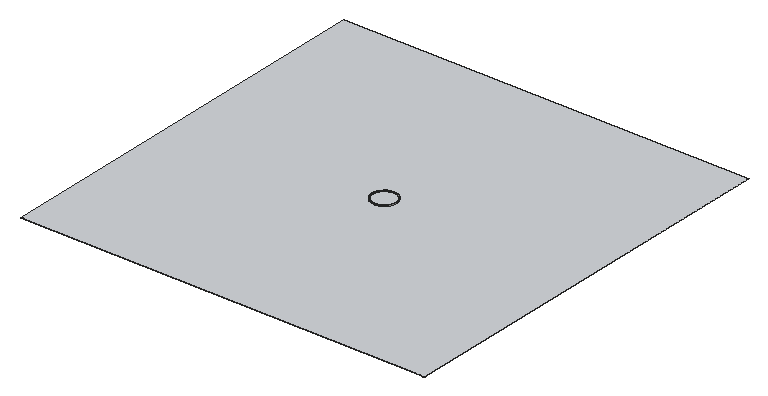
Revit family "LAMP_KOMBIC 150 ROUND IP40 TW OPAL", category Luminarias, Revit 2018
Family settings
  Anfitrión = Cara
  Cota de conector redondo = Diámetro de uso
  Tipo de pieza = Normal
  Corte con vacíos al cargar = No
  Origen de luz = Sí
  Compartido = No
  Punto de cálculo de habitación = No
Parameters (values of type "1653LM 2700-5000K DALI M/W")
  Ángulo de inclinación = -90.00°
  Weight = 0.80 kg
  Wattage = 23.9 W
  UGR = ""
  Type = "COB PHILIPS"
  built-in parameter 1150107 = 3000 (stored number, unit not read)
  Recessed diameter = 145 mm
  built-in parameter 1150110 = 1 (stored number, unit not read)
  built-in parameter 1150109 = 1 (stored number, unit not read)
  built-in parameter 1150112 = 1 (stored number, unit not read)
  built-in parameter 1150113 = 1 (stored number, unit not read)
  built-in parameter 1114218 = 1 (stored number, unit not read)
  Protection rating = "IP40"
  Product datasheet = "http://www.lamp.es/product-files/TECH/K21RD3040OP9TWDMW-EN.pdf"
  Product code = "K21RD3040OP9TWDMW"
  Product URL = "https://www.lamp.es/en/family/kombic-downlight_33313"
  Power Supply = "220-240V 50/60Hz"
  Power = 20 W
  Plum = 23.9 W
  built-in parameter 1150137 = (empty or 0)
  built-in parameter 1150132 = 2
  Modelo = Product code  # "K21RD3040OP9TWDMW"
  Material reflector = LAMP_PC Reflector Kombic Metalizado Mate
  Material disipador = LAMP_Aluminio Disipador Kombic
  Material difusor = LAMP_PMMA Difusor Kombic
  Material aro = LAMP_Plástico genérico BL
  Manufacturer name = "LAMP"
  Manufacturer country = "Spain"
  Manufacturer URL = "http://www.lamp.es/en"
  MacAdam = "3"
  Luminaire type = "Downlight"
  Last update = "26/08/2021"
  Lamp = "COB LED"
  LED Lifetime = "50.000 L80 B10"
  built-in parameter 1150105 = 1637.1 (stored number, unit not read)
  built-in parameter 1150102 = (empty or 0)
  Insulation class = "II"
  Installation instructions = "https://www.lamp.es/product-files/packed/by-family/33313_INS_all.zip"
  Initial color = "2700-5000K"
  built-in parameter 1150106 = 16.371 (stored number, unit not read)
  IEE = "A"
  Height = 100 mm
  Gear = "Electronic"
  Lumens = 1653.88 lm
  Finish = "Shiny white RAL 9010"
  Color Filter = 16777215
  built-in parameter 1114217 = 1 (stored number, unit not read)
  built-in parameter 1150139 = (empty or 0)
  Fabricante = Manufacturer name  # "LAMP"
  Default Elevation = 1219.2 mm
  built-in parameter 1150104 = 6.4289 (stored number, unit not read)
  Efficacy = 69.2 lm/W
  Diameter = 150 mm
  built-in parameter 1150115 = 1 (stored number, unit not read)
  built-in parameter 1150114 = 1 (stored number, unit not read)
  built-in parameter 1150138 = (empty or 0)
  built-in parameter 1150134 = (empty or 0)
  Dimming Lamp Color Temperature Shift = (empty or 0)
  CRI = "80"
  Archivo de red fotométrica = "K21RD3040OP9TWDMW.IES"
  built-in parameter 1150133 = 10 (stored number, unit not read)
Types (3, lengths in mm): name | Product datasheet | Product code | Modelo | Material reflector | built-in parameter 1150105 | built-in parameter 1150106 | Lumens | Finish | built-in parameter 1150104 | Efficacy | Archivo de red fotométrica
  1653LM 2700-5000K DALI M/W | "http://www.lamp.es/product-files/TECH/K21RD3040OP9TWDMW-EN.pdf" | "K21RD3040OP9TWDMW" | "K21RD3040OP9TWDMW" | LAMP_PC Reflector Kombic Metalizado Mate | 1637.1 (stored number, unit not read) | 16.371 (stored number, unit not read) | 1653.88 lm | "Shiny white RAL 9010" | 6.4289 (stored number, unit not read) | 69.2 lm/W | "K21RD3040OP9TWDMW.IES"
  1721LM 2700-5000K DALI W/W | "http://www.lamp.es/product-files/TECH/K21RD3040OP9TWDWW-EN.pdf" | "K21RD3040OP9TWDWW" | "K21RD3040OP9TWDWW" | LAMP_PC Reflector Kombic Blanco | 1703.4 (stored number, unit not read) | 17.034 (stored number, unit not read) | 1720.8 lm | "Matte white RAL 9010" | 6.689 (stored number, unit not read) | 72 lm/W | "K21RD3040OP9TWDWW.IES"
  1737LM 2700-5000K DALI BR/W | "http://www.lamp.es/product-files/TECH/K21RD3040OP9TWDRW-EN.pdf" | "K21RD3040OP9TWDRW" | "K21RD3040OP9TWDRW" | LAMP_PC Reflector Kombic Metalizado Brillante | 1719.9 (stored number, unit not read) | 17.199 (stored number, unit not read) | 1737.53 lm | "Shiny white RAL 9010" | 6.7541 (stored number, unit not read) | 72.7 lm/W | "K21RD3040OP9TWDRW.IES"
Reference planes
  plane 1 "Centro (Frontal/Posterior)": y = 0
  plane 2: z = 0
  plane 3 "Centro (Izquierda/Derecha)": x = 0
Forms (mm)
  Extrusion 1, solid
    sketch origin (0, 0, 0) x (1, 0, 0) y (0, 1, 0)
      loop
        line (-1219.2, 1219.2) -> (-1219.2, -1219.2) -> (1219.2, -1219.2) -> (1219.2, 1219.2) -> (-1219.2, 1219.2)
    from 0 to -1
  Revolve 2, solid, material "LAMP_Plástico genérico BL" <- "Material aro"
    sketch origin (0, 0, 1.5) x (-1, 0, 0) y (0, 0, -1)
      loop
        arc (63.285, 25.939) -> (56.992, 30.773) -> (49.333, 32.85) r 20.471
        line (49.333, 32.85) -> (49.333, 30.55)
        arc (49.333, 30.55) -> (65.429, 20.082) -> (70.259, 1.5) r 26.552
        line (70.259, 1.5) -> (69.259, 1.5) -> (69.259, 0) -> (75, 0) -> (75, 1.5) -> (71.74, 1.5)
        arc (71.74, 1.5) -> (69.911, 14.549) -> (63.285, 25.939) r 34.204
      axis (0, 32.85) -> (0, 0)
    angle from 0 to 360
  Revolve 3, solid, material "LAMP_Aluminio Disipador Kombic" <- "Material disipador"
    sketch origin (0, 0, 1.5) x (-1, 0, 0) y (0, 0, -1)
      loop
        line (0, 32.85) -> (57.5, 32.85) -> (57.5, 97.85) -> (0, 97.85) -> (0, 32.85)
      axis (0, 97.85) -> (0, 32.85)
    angle from 0 to 360
  Revolve 4, solid, material "LAMP_PMMA Difusor Kombic" <- "Material difusor"
    sketch origin (0, 0, 0) x (1, 0, 0) y (0, 0, 1)
      loop
        line (0, -28.081) -> (0, -31.35) -> (49.333, -31.35) -> (49.333, -28.081) -> (0, -28.081)
      axis (0, -28.081) -> (0, -31.35)
    angle from 0 to 360
  Revolve 5, solid, material "LAMP_PC Reflector Kombic Metalizado Mate" <- "Material reflector"
    sketch origin (0, 0, 0) x (1, 0, 0) y (0, 0, 1)
      loop
        arc (-70.259, 0) -> (-65.429, -18.582) -> (-49.333, -29.05) r 26.552
        line (-49.333, -29.05) -> (-49.333, -28.081)
        arc (-49.333, -28.081) -> (-64.64, -17.832) -> (-69.259, 0) r 25.895
        line (-69.259, 0) -> (-70.259, 0)
      axis (0, 0) -> (0, -29.05)
    angle from 0 to 360
Text (mm)
  text "Any modification of the parameters and properties of the LAMP BIM models must be executed and validated by the LAMP technical department.\nPhone: +34 93 736 68 00\nE-mail: lamp@lamp.es\n\nLAMP reserves the right to modify the technical specifications of its products." at (-2876.262, -5833.446, 1777.952), in view "Preview"
Dimensions and locks
  aligned and locked: plane 2 to Extrusion 1
  aligned and locked: level to Extrusion 1
Connectors
  electrical at (0, 0, -96.35)
    settings: on Revolve 3, index 1, voltage 230 V, apparent load 0 VA, apparent load phase1 0 VA, apparent load phase2 0 VA, apparent load phase3 0 VA, power factor 1, load classification "Otro", number of poles 1, system type 30, power factor state 1, is connector primary yes, connector utility no, sub classification motor no, connector description ""
